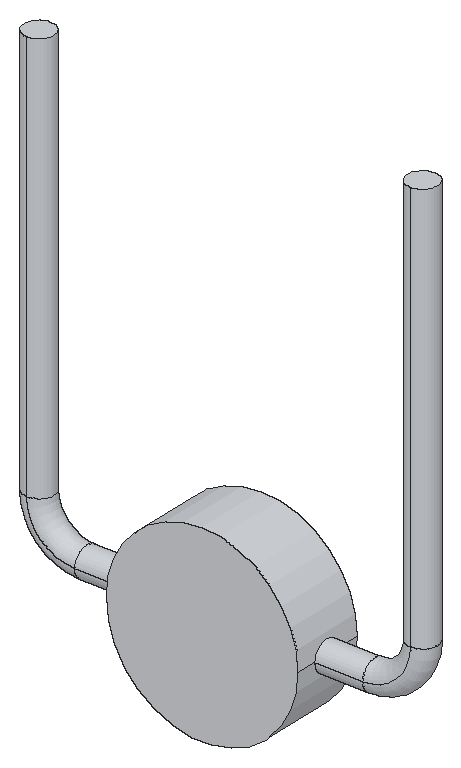
Revit family "Shower", category Plumbing Fixtures, Revit 2019
Family settings
  Round Connector Dimension = Use Diameter
  Part Type = Normal
  OmniClass Number = 23.45.00.00
  OmniClass Title = Sanitary, Laundry, and Cleaning Equipment
  Work Plane-Based = No
  Always vertical = Yes
  Cut with Voids When Loaded = No
  Shared = No
  Room Calculation Point = No
Parameters (values of type "SH-1")
  Waste Connection = no
  WFU = 2
  Vent Connection = no
  Type Comments = ""
  Schedule Sanitary or Waste = "2\""
  Schedule Remarks = "PROVIDE WITH FD-2."
  Schedule JSN = ""
  Schedule HW = "1/2\""
  Schedule CW = "1/2\""
  San_dia = 0' - 2"
  HW_dia = 0' - 0 1/2"
  HWFU = 1
  Description = "SHOWER"
  CW_dia = 0' - 0 1/2"
  CWFU = 1
  CW Connection = no
  Assembly Code = ""
Types (2): name | Description
  SH-1 | "SHOWER"
  SH(E) | "SHOWER (E)"
Reference planes (in)
  plane 1 "Center (Front/Back)": y = 0
  plane 2: z = 0
  plane 3 "Center (Left/Right)": x = 0
  plane 4: x = -4
  plane 5: x = 4
Forms (in)
  Extrusion 1, solid, detail levels medium+fine
    sketch origin (-0.01042, 0, 0.34381) x (1, 0, 0) y (0, 0, 1)
      loop
        circle (0, 26.76241) r 2
    from -0.80467 to 0.73069
  Sweep 2, solid, detail levels medium+fine
    path in 3D
      loop
        line (-2.01042, 0, 27.10621) -> (-3, 0, 27.10621)
        arc (-3, 0, 27.10621) -> (-3.70711, 0, 27.39911) -> (-4, 0, 28.10621) r 1
        line (-4, 0, 28.10621) -> (-4, 0, 36.69085)
    profile origin (-2.50521, 0, 27.10621) x (0, 0, -1) y (0, -1, 0)
      loop
        circle (0, 0) r 0.3125
  Sweep 3, solid, detail levels medium+fine
    path in 3D
      loop
        line (2.01042, 0, 27.10621) -> (3, 0, 27.10621)
        arc (3, 0, 27.10621) -> (3.70711, 0, 27.39911) -> (4, 0, 28.10621) r 1
        line (4, 0, 28.10621) -> (4, 0, 36.69085)
    profile origin (2.50521, 0, 27.10621) x (0, 0, 1) y (0, -1, 0)
      loop
        circle (0, 0) r 0.3125
Lines and regions (in)
  reference lines
    curve 1: line (0, -28.43928, 27) -> (0, 60.56072, 27)
    curve 2: line (0, 12, 34) -> (0, 12, 14.25)
  model lines, style "Domestic Hot Water", detail levels coarse
    curve 3: line (4, 0, 36.69085) -> (4, 0, 26.99587)
    curve 6: line (4, 0, 26.99587) -> (4, 5.48874, 26.99587)
  model lines, style "Domestic Cold Water", detail levels coarse
    curve 4: line (-4, 0, 36.69085) -> (-4, 0, 26.99587)
    curve 5: line (-4, 0, 26.99587) -> (-4, 5.48874, 26.99587)
  sketch lines
    curve 7: line (-2.01042, 0, 27.10621) -> (-3, 0, 27.10621)
    curve 8: arc (-3, 0, 27.10621) -> (-3.70711, 0, 27.39911) -> (-4, 0, 28.10621) r 1
    curve 9: line (-4, 0, 28.10621) -> (-4, 0, 36.69085)
    curve 10: line (2.01042, 0, 27.10621) -> (3, 0, 27.10621)
    curve 11: arc (3, 0, 27.10621) -> (3.70711, 0, 27.39911) -> (4, 0, 28.10621) r 1
    curve 12: line (4, 0, 28.10621) -> (4, 0, 36.69085)
Dimensions and locks (in)
  aligned and locked: level to plane 2
Connectors (in)
  piping at (4, 0, 36.69085), diameter 0.5
    settings: on Sweep 3, index 7, connector inside diameter 24", connector length 0' - 0", flow factor 0, pipe flow 0 GPM, pressure drop 0.00 psi, fitting loss kfactor 0, connector angle 0.00°, fixture units 0, engagement length 0' - 0", angle of deflection 0.00°, flow configuration 3, flow direction 1, fitting loss method 0, system type 19, joint type 0, gender type 0, connector reference index -1, connector utility 0, adjustable connector no, is connector primary yes, connector description ""
  piping at (-4, 0, 36.69085), diameter 0.5
    settings: on Sweep 2, index 8, connector inside diameter 24", connector length 0' - 0", flow factor 0, pipe flow 0 GPM, pressure drop 0.00 psi, fitting loss kfactor 0, connector angle 0.00°, fixture units 0, engagement length 0' - 0", angle of deflection 0.00°, flow configuration 3, flow direction 1, fitting loss method 0, system type 20, joint type 0, gender type 0, connector reference index -1, connector utility 0, adjustable connector no, is connector primary no, connector description ""
